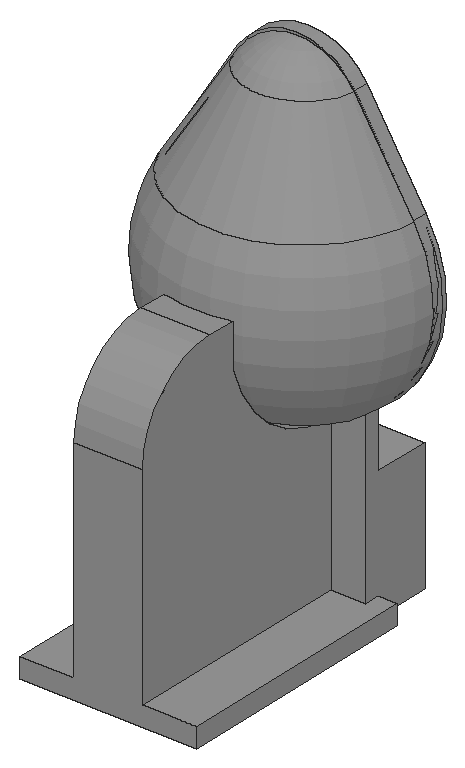
Revit family "Toilet-Willoughby-1490-HET-ETW-OF-BS", category Plumbing Fixtures, host Face, Revit 2014
Parameters (values of type "Standard")
  Waste DIA = 2 1/4"
  Waste Connection = yes
  W-RAD [instance] = Waste DIA / 2  # 0' - 1 1/8"
  Vent Connection = no
  URL = "www.willoughby-ind.com"
  Type Comments = ""
  Revision = "A"
  Model = "ETW-1490-HET-OF-BS"
  Manufacturer = "Willoughby Industries"
  HW Connection = no
  Flush inlet DIA = 1 1/2"
  Flush Inlet Connection = yes
  Fixture Body = Stainless Steel AISI 304-Willoughby
  F-RAD [instance] = Flush inlet DIA / 2  # 0' - 0 3/4"
  Description = "High Efficiency Toilet"
  Default Elevation = 0' - 0"
  Contact Number = "(800) 428-4065"
  CW Connection = no
Reference planes (in)
  plane 1 "Base": y = -16.25
  plane 2: z = 0
  plane 3 "Center": x = 18.31072
  plane 4 "Waste height": y = -4.75
  plane 5 "Seat HGT": y = -1.25
  plane 6: z = -6.75
  plane 7: y = -2.125
  plane 8 "Flush HGT": y = 0.5
  plane 9: x = 16.56072
  plane 10: x = 20.06072
  plane 11 "Unit HGT Off Floor": y = -14
Forms (in)
  Extrusion 1, solid, material "Stainless Steel AISI 304-Willoughby" <- "Fixture Body"
    sketch origin (16.08109, 7.47968, -7.1422) x (-1, 0, 0) y (0, 0, -1)
      loop
        line (1.29775, -16.80087) -> (1.29775, -7.1422) -> (-5.72963, -7.1422) -> (-5.72963, -16.81676)
        arc (-5.72963, -16.81676) -> (-8.98136, -21.11843) -> (-8.21015, -26.45542) r 7
        line (-8.21015, -26.45542) -> (-5.16818, -31.31054)
        arc (-5.16818, -31.31054) -> (-2.20225, -32.95225) -> (0.76368, -31.31054) r 3.5
        line (0.76368, -31.31054) -> (3.80565, -26.45542)
        arc (3.80565, -26.45542) -> (4.5729, -21.10311) -> (1.29775, -16.80087) r 7
      loop
        arc (2.03989, -24.70557) -> (-2.20225, -18.23804) -> (-6.44438, -24.70557) r 4.625
        line (-6.44438, -24.70557) -> (-4.04125, -30.23842)
        arc (-4.04125, -30.23842) -> (-2.20225, -31.45225) -> (-0.36324, -30.23842) r 2
        line (-0.36324, -30.23842) -> (2.03989, -24.70557)
    from 8.72968 to 9.5
  Revolve 2, solid, material "Stainless Steel AISI 304-Willoughby" <- "Fixture Body"
    sketch origin (19.37246, -1.52032, -3.93826) x (-1, 0, 0) y (0, 0, -1)
      loop
        line (1.06174, -12.59906) -> (1.06174, -12.84906)
        arc (1.06174, -12.84906) -> (6.96784, -16.33096) -> (6.78077, -23.18447) r 6.75
        line (6.78077, -23.18447) -> (3.81535, -27.91457)
        arc (3.81535, -27.91457) -> (2.63527, -29.03194) -> (1.06174, -29.43826) r 3.25
        line (1.06174, -29.43826) -> (1.06174, -29.68826)
        arc (1.06174, -29.68826) -> (2.75672, -29.25045) -> (4.02767, -28.04656) r 3.5
        line (4.02767, -28.04656) -> (7.06964, -23.19143)
        arc (7.06964, -23.19143) -> (7.15052, -16.14555) -> (1.06174, -12.59906) r 7
      axis (1.06174, -12.59906) -> (1.06174, -29.68826)
    angle from 0 to -180
  Extrusion 3, solid, material "Stainless Steel AISI 304-Willoughby" <- "Fixture Body"
    sketch origin (19.53334, -3.02032, -4.9508) x (0, 1, 0) y (0, 0, 1)
      loop
        line (-5.27082, 4.9508) -> (1, 4.9508) -> (1, 13.76086)
        arc (1, 13.76086) -> (-2.93256, 15.26109) -> (-5.27082, 18.76086) r 6.92744
        line (-5.27082, 18.76086) -> (-5.27082, 4.9508)
    from 0.52738 to -2.97262
  Extrusion 4, solid, material "Stainless Steel AISI 304-Willoughby" <- "Fixture Body"
    sketch origin (17.03334, 24.08792, -4.30581) x (0, 1, 0) y (0, 0, 1)
      loop
        line (-32.37906, 4.30581) -> (-32.37906, 20.30581) -> (-33.81217, 20.30581)
        arc (-33.81217, 20.30581) -> (-36.83558, 19.05347) -> (-38.08792, 16.03006) r 4.27575
        line (-38.08792, 16.03006) -> (-38.08792, 4.30581) -> (-32.37906, 4.30581)
    from -0.47262 to 3.02738
  Extrusion 5, solid, material "Stainless Steel AISI 304-Willoughby" <- "Fixture Body"
    sketch origin (0, 14.59309, 0) x (1, 0, 0) y (0, 1, 0)
      loop
        circle (18.31072, -19.34309) r 1.125
    from 1 to -3
  Extrusion 6, solid, material "Stainless Steel AISI 304-Willoughby" <- "Fixture Body"
    sketch origin (18.31072, 0, 0) x (0, 1, 0) y (0, 0, 1)
      loop
        line (-1.25, 0) -> (1.75, 0) -> (1.75, 6.6875) -> (-1.25, 6.6875) -> (-1.25, 0)
    from -3.52738 to 3.5
  Extrusion 7, solid, material "Stainless Steel AISI 304-Willoughby" <- "Fixture Body"
    sketch origin (0, 0, 0) x (1, 0, 0) y (0, 1, 0)
      loop
        circle (18.31072, 0.5) r 0.75
    from 2.21942 to 0
  Extrusion 8, solid, material "Stainless Steel AISI 304-Willoughby" <- "Fixture Body"
    sketch origin (0, -16.25, 0) x (1, 0, 0) y (0, 0, 1)
      loop
        line (22.81072, 0) -> (22.81072, 1) -> (13.81072, 1) -> (13.81072, 0) -> (22.81072, 0)
    from -15 to -2.25
Cuts and joins
  joined: Extrusion 1, Extrusion 3, Extrusion 4, Extrusion 5, Extrusion 6, Extrusion 8
Lines and regions (in)
  symbolic lines
    curve 1: line (11.28334, -2.02032, 0) -> (11.28334, -1.25, 0)
    curve 2: line (11.28334, -1.25, 0) -> (25.28334, -1.25, 0)
    curve 3: line (25.28334, -1.25, 0) -> (25.28334, -2.02032, 0)
    curve 4: arc (25.28334, -2.02032, 0) -> (23.07389, -6.64063, 0) -> (18.31072, -8.52239, 0) r 7.00467
    curve 5: arc (18.31072, -8.52239, 0) -> (13.51998, -6.65158, 0) -> (11.28334, -2.02032, 0) r 7.03342
    curve 6: line (22.81072, -6.87397, 0) -> (22.81072, -14, 0)
    curve 7: line (22.81072, -14, 0) -> (13.81072, -14, 0)
    curve 8: line (13.81072, -14, 0) -> (13.81072, -6.90612, 0)
    curve 9: line (16.56072, -8.30481, 0) -> (16.56072, -14, 0)
    curve 10: line (20.06072, -8.29665, 0) -> (20.06072, -14, 0)
    curve 11: line (14.78334, -1.25, 0) -> (14.78334, 1.75, 0)
    curve 12: line (14.78334, 1.75, 0) -> (21.81072, 1.75, 0)
    curve 13: line (21.81072, 1.75, 0) -> (21.81072, -1.25, 0)
    curve 14: line (14.78334, -16.25, 9.65867) -> (14.78334, -16.25, 1)
    curve 15: line (14.78334, -16.25, 1) -> (13.81072, -16.25, 1)
    curve 16: line (13.81072, -16.25, 1) -> (13.81072, -16.25, 0)
    curve 17: line (13.81072, -16.25, 0) -> (22.81072, -16.25, 0)
    curve 18: line (22.81072, -16.25, 0) -> (22.81072, -16.25, 1)
    curve 19: line (22.81072, -16.25, 1) -> (21.81072, -16.25, 1)
    curve 20: line (21.81072, -16.25, 1) -> (21.81072, -16.25, 9.67456)
    curve 22: arc (21.81072, -16.25, 9.67456) -> (25.08128, -16.25, 13.93587) -> (24.31862, -16.25, 19.25317) r 6.92112
    curve 23: line (24.31862, -16.25, 19.25317) -> (21.27665, -16.25, 24.1083)
    curve 24: arc (21.27665, -16.25, 24.1083) -> (19.9946, -16.25, 25.33666) -> (18.28334, -16.25, 25.81005) r 3.63004
    curve 25: arc (18.28334, -16.25, 25.81005) -> (16.57833, -16.25, 25.39034) -> (15.31741, -16.25, 24.16835) r 3.36229
    curve 26: line (15.31741, -16.25, 24.16835) -> (12.35249, -16.25, 19.43905)
    curve 27: arc (12.35249, -16.25, 19.43905) -> (11.49002, -16.25, 14.03241) -> (14.78334, -16.25, 9.65867) r 7
    curve 33: line (18.31072, -14, 11.72425) -> (18.31072, -14, 0)
    curve 34: line (18.31072, -14, 0) -> (18.31072, 1.75, 0)
    curve 35: line (18.31072, 1.75, 0) -> (18.31072, 1.75, 6.6875)
    curve 36: line (18.31072, 1.75, 6.6875) -> (18.31072, -1.25, 6.6875)
    curve 37: line (18.31072, -1.25, 6.6875) -> (18.31072, -1.25, 25.81005)
    curve 38: line (18.31072, -1.25, 25.81005) -> (18.31072, -2.02032, 25.81005)
    curve 39: arc (18.31072, -2.02032, 25.81005) -> (18.31072, -3.20925, 25.32947) -> (18.31072, -4.19175, 24.50533) r 4.1029
    curve 40: line (18.31072, -4.19175, 24.50533) -> (18.31072, -7.52822, 19.25317)
    curve 41: arc (18.31072, -7.52822, 19.25317) -> (18.31072, -8.24582, 17.69394) -> (18.31072, -8.52281, 16) r 6.39451
    curve 42: line (18.31072, -8.29114, 16) -> (18.31072, -9.72425, 16)
    curve 43: arc (18.31072, -9.72425, 16) -> (18.31072, -12.74766, 14.74766) -> (18.31072, -14, 11.72425) r 4.27575
    curve 44: line (18.31072, -8.29114, 16) -> (18.31072, -8.29114, 13.81005)
    curve 45: arc (18.31072, -8.29114, 13.81005) -> (18.31072, -5.95289, 10.31029) -> (18.31072, -2.02032, 8.81005) r 6.92744
    curve 46: line (18.31072, -2.02032, 8.81005) -> (18.31072, -2.02032, 9.65867)
    curve 47: line (18.31072, -2.02032, 9.65867) -> (18.31072, -1.25, 9.65867)
    curve 48: line (18.31072, -2.02032, 8.81005) -> (18.31072, -2.02032, 1)
    curve 49: line (18.31072, -2.02032, 1) -> (18.31072, -14, 1)
    curve 50: line (18.31072, -1.25, 1) -> (18.31072, -1.25, 0)
    curve 51: line (18.31072, -2.02032, 1) -> (18.31072, -1.25, 1)
  symbolic lines, detail levels medium+fine
    curve 21: line (21.81072, -16.25, 6.6875) -> (14.78334, -16.25, 6.6875)
  symbolic lines, detail levels fine
    curve 28: arc (14.0412, -16.25, 17.56337) -> (18.28334, -16.25, 11.09585) -> (22.52547, -16.25, 17.56337) r 4.625
    curve 29: line (22.52547, -16.25, 17.56337) -> (20.12234, -16.25, 23.09622)
    curve 30: arc (20.12234, -16.25, 23.09622) -> (19.38317, -16.25, 23.97635) -> (18.28334, -16.25, 24.31005) r 2.01767
    curve 31: arc (18.28334, -16.25, 24.31005) -> (17.17969, -16.25, 23.98213) -> (16.44433, -16.25, 23.09622) r 1.9827
    curve 32: line (16.44433, -16.25, 23.09622) -> (14.0412, -16.25, 17.56337)
Dimensions and locks (in)
  plane 1 "Base" to plane 4 "Waste height" = 0' - 11 1/2"
  plane 1 "Base" to plane 5 "Seat HGT" = 1' - 3"
  plane 8 "Flush HGT" to plane 1 "Base" = 1' - 4 3/4"
  plane 4 "Waste height" to plane 8 "Flush HGT" = 0' - 5 1/4"
  cut or joined group of Extrusion 1, Extrusion 3, Extrusion 4, Extrusion 5, Extrusion 6, Extrusion 8 to plane 3 "Center" = 0' - 4 1/2"
  cut or joined group of Extrusion 1, Extrusion 3, Extrusion 4, Extrusion 5, Extrusion 6, Extrusion 8 to cut or joined group of Extrusion 1, Extrusion 3, Extrusion 4, Extrusion 5, Extrusion 6, Extrusion 8 = 0' - 9"
  "W-RAD": radius of Extrusion 5 sketch curve
  "F-RAD": radius of Extrusion 7 sketch curve
  aligned and locked: plane 2 to host face
  aligned and locked: level to host face
  aligned and locked: plane 3 "Center" to Extrusion 5 sketch curve
  aligned and locked: plane 4 "Waste height" to Extrusion 5 sketch curve
  aligned and locked: plane 8 "Flush HGT" to Extrusion 7 sketch curve
  aligned and locked: plane 3 "Center" to Extrusion 7 sketch curve
  aligned and locked: cut or joined group of Extrusion 1, Extrusion 3, Extrusion 4, Extrusion 5, Extrusion 6, Extrusion 8 to cut or joined group of Extrusion 1, Extrusion 3, Extrusion 4, Extrusion 5, Extrusion 6, Extrusion 8  (x5)
Automatic sketch dimensions
  host sketch curve to host sketch curve = 2' - 6.05225"
  host sketch curve to host sketch curve = 2' - 4.65882"
  Extrusion 1 sketch curve to Extrusion 1 sketch curve = 0' - 0"  (x8)
  Extrusion 1 sketch curve to level = 0' - 0"
  plane 3 "Center" to Extrusion 1 sketch curve = 0' - 5.98052"
  Extrusion 1 sketch curve to Extrusion 1 sketch curve = 0' - 1.76576"  (x2)
  plane 3 "Center" to Extrusion 1 sketch curve = 0' - 3 1/2"
  plane 3 "Center" to Extrusion 1 sketch curve = 0' - 2.93855"
  Extrusion 1 sketch curve to Extrusion 1 sketch curve = 0' - 1.12693"  (x2)
  Extrusion 1 sketch curve to plane 3 "Center" = 0' - 0.02738"  (x2)
  Extrusion 1 sketch curve to plane 3 "Center" = 0' - 1.86639"
  Extrusion 1 sketch curve to plane 3 "Center" = 0' - 3.52738"
  Extrusion 1 sketch curve to plane 3 "Center" = 0' - 4 69/256"
  Extrusion 1 sketch curve to Extrusion 1 sketch curve = 0' - 9.65867"
  Extrusion 1 sketch curve to Extrusion 1 sketch curve = 0' - 0.01589"
  Extrusion 1 sketch curve to Extrusion 1 sketch curve = 0' - 6.06218"
  Extrusion 1 sketch curve to Extrusion 1 sketch curve = 0' - 1.74985"
  Extrusion 1 sketch curve to Extrusion 1 sketch curve = 0' - 4.74668"
  Extrusion 1 sketch curve to Extrusion 1 sketch curve = 0' - 0.78617"
  Extrusion 1 sketch curve to Extrusion 1 sketch curve = 0' - 1.07212"
  Revolve 2 sketch curve to Revolve 2 sketch curve = 0' - 0"  (x2)
  Revolve 2 sketch curve to plane 3 "Center" = 0' - 0"  (x3)
  plane 3 "Center" to Revolve 2 sketch curve = 0' - 0"
  Revolve 2 sketch curve to plane 3 "Center" = 0' - 2.75361"
  Revolve 2 sketch curve to Revolve 2 sketch curve = 0' - 0.21232"
  Revolve 2 sketch curve to Revolve 2 sketch curve = 0' - 2.96542"
  Revolve 2 sketch curve to Revolve 2 sketch curve = 0' - 0.28887"
  level to Revolve 2 sketch curve = 2' - 1 3/4"
  Revolve 2 sketch curve to Revolve 2 sketch curve = 0' - 0 1/4"
  Revolve 2 sketch curve to Revolve 2 sketch curve = 0' - 1.3917"
  Revolve 2 sketch curve to Revolve 2 sketch curve = 0' - 0.13199"
  Revolve 2 sketch curve to Revolve 2 sketch curve = 0' - 4.85513"
  Revolve 2 sketch curve to Revolve 2 sketch curve = 0' - 0.00696"
  Revolve 2 sketch curve to Revolve 2 sketch curve = 0' - 3 1/4"
  Revolve 2 sketch curve to Revolve 2 sketch curve = 0' - 3.3392"
  Revolve 2 sketch curve to Revolve 2 sketch curve = 0' - 2.4108"
  Extrusion 3 sketch curve to level = 0' - 0"
  plane 4 "Waste height" to Extrusion 3 sketch curve = 0' - 3.54114"
  plane 7 to Extrusion 3 sketch curve = 0' - 0.10468"
  plane 5 "Seat HGT" to Extrusion 3 sketch curve = 0' - 0.38413"
  Extrusion 3 sketch curve to Extrusion 3 sketch curve = 0' - 8.81005"
  Extrusion 3 sketch curve to Extrusion 3 sketch curve = 0' - 5"
  Extrusion 4 sketch curve to level = 0' - 0"
  Extrusion 4 sketch curve to Extrusion 4 sketch curve = 0' - 1.43311"
  Extrusion 4 sketch curve to Extrusion 4 sketch curve = 0' - 11.72425"
  Extrusion 6 sketch curve to level = 0' - 0"
  Extrusion 6 sketch curve to plane 5 "Seat HGT" = 0' - 0"
  Extrusion 6 sketch curve to plane 8 "Flush HGT" = 0' - 1 1/4"
  level to Extrusion 6 sketch curve = 0' - 6 11/16"
  Extrusion 8 sketch curve to level = 0' - 0"
  level to Extrusion 8 sketch curve = 0' - 1"
  Extrusion 4 sketch curve to plane 1 "Base" = 0' - 2 1/4"
  Extrusion 4 sketch curve to plane 1 "Base" = 0' - 6.52575"
  Extrusion 8 sketch curve to plane 9 = 0' - 2 3/4"
  plane 10 to Extrusion 8 sketch curve = 0' - 2 3/4"
  plane 5 "Seat HGT" to curve 1 = 0' - 0"
  curve 8 to plane 11 "Unit HGT Off Floor" = 0' - 0"
  curve 9 to plane 9 = 0' - 0"
  curve 4 to plane 3 "Center" = 0' - 0"
  curve 5 to plane 3 "Center" = 0' - 0"
  curve 10 to plane 10 = 0' - 0"
  curve 12 to plane 9 = 0' - 1.77738"
  curve 7 to plane 9 = 0' - 2 3/4"
  plane 7 to curve 1 = 0' - 0.10468"
  curve 1 to curve 11 = 0' - 3 1/2"
  curve 5 to plane 3 "Center" = 0' - 0.01406"
  curve 4 to plane 3 "Center" = 0' - 0.014"
  plane 10 to curve 7 = 0' - 2 3/4"
  curve 6 to curve 3 = 0' - 2.47262"
  curve 3 to curve 2 = 0' - 0.77032"
  curve 12 to plane 8 "Flush HGT" = 0' - 1 1/4"
  plane 10 to curve 13 = 0' - 1 3/4"
  curve 27 to curve 28 = 0' - 0"  (x2)
  curve 17 to level = 0' - 0"
  curve 26 to plane 9 = 0' - 4.20823"
  curve 17 to plane 9 = 0' - 2 3/4"
  curve 15 to curve 14 = 0' - 0.97262"
  curve 26 to plane 9 = 0' - 1.24331"
  curve 24 to plane 3 "Center" = 0' - 0.1102"
  curve 25 to plane 3 "Center" = 0' - 0.10409"
  curve 30 to plane 3 "Center" = 0' - 0.03902"
  curve 30 to curve 31 = 0' - 0.0002"
  curve 28 to plane 3 "Center" = 0' - 0.02738"
  plane 3 "Center" to curve 22 = 0' - 0.07513"
  plane 10 to curve 29 = 0' - 0.06162"
  plane 10 to curve 23 = 0' - 1.21593"
  plane 10 to curve 19 = 0' - 1 3/4"
  plane 10 to curve 29 = 0' - 2.46475"
  curve 19 to curve 17 = 0' - 1"
  curve 28 to curve 23 = 0' - 1.79315"
  level to curve 16 = 0' - 1"
  level to curve 20 = 0' - 1"
  curve 14 to curve 14 = 0' - 8.65867"
  curve 14 to curve 20 = 0' - 0.01589"
  curve 20 to curve 22 = 0' - 6.01433"
  curve 22 to curve 28 = 0' - 0.03196"
  curve 29 to curve 22 = 0' - 1.6898"
  curve 29 to curve 24 = 0' - 4.61758"
  curve 24 to curve 30 = 0' - 0.11146"
  curve 30 to curve 31 = 0' - 0.03496"
  curve 31 to curve 25 = 0' - 0.12125"
  curve 31 to curve 29 = 0' - 0.76884"
  curve 29 to curve 23 = 0' - 1.01207"
  curve 26 to curve 30 = 0' - 0.1417"
  curve 28 to plane 9 = 0' - 2 133/256"
  curve 32 to plane 9 = 0' - 0.11639"
  curve 31 to curve 30 = 0' - 0"
  curve 21 to curve 20 = 0' - 2.98706"
  curve 33 to level = 0' - 0"
  curve 33 to plane 11 "Unit HGT Off Floor" = 0' - 0"
  curve 50 to plane 5 "Seat HGT" = 0' - 0"
  curve 36 to plane 5 "Seat HGT" = 0' - 0"
  curve 43 to curve 43 = 0' - 4.27575"
  curve 43 to curve 42 = 0' - 1.43311"
  plane 4 "Waste height" to curve 40 = 0' - 2.77822"
  curve 40 to plane 4 "Waste height" = 0' - 0.55825"
  curve 41 to plane 7 = 0' - 0.00572"
  plane 7 to curve 38 = 0' - 0.10468"
  plane 7 to curve 47 = 0' - 0.10468"
  plane 5 "Seat HGT" to curve 45 = 0' - 0.38413"
  curve 39 to plane 5 "Seat HGT" = 0' - 0.1539"
  curve 36 to plane 8 "Flush HGT" = 0' - 1 1/4"
  level to curve 48 = 0' - 1"
  curve 48 to curve 36 = 0' - 5 11/16"
  curve 36 to curve 48 = 0' - 2.12255"
  curve 46 to curve 47 = 0' - 0.84862"
  curve 49 to curve 33 = 0' - 10.72425"
  curve 44 to curve 42 = 0' - 2.18995"
  curve 45 to curve 41 = 0' - 0 25/256"
  curve 42 to curve 40 = 0' - 3.25317"
  curve 41 to curve 39 = 0' - 5.98824"
  curve 39 to curve 40 = 0' - 2.69273"
Connectors (in)
  piping at (18.31072, -4.75, -3), diameter 2.25, driven by "W-RAD", driven by "Waste Connection"
    settings: on Extrusion 5, index 1, connector inside diameter 2 1/4", connector length 0' - 0", flow factor 0, pipe flow 0 GPM, pressure drop 0.00 psi, fitting loss kfactor 0, connector angle 0.00°, fixture units 0, engagement length 0' - 0", angle of deflection 0.00°, flow configuration 0, flow direction 2, fitting loss method 0, system type 16, joint type 0, gender type 0, connector reference index -1, connector utility 1, adjustable connector yes, is connector primary yes, connector description "Toilet Waste"
  piping at (18.31072, 0.5, 0), diameter 1.5, driven by "F-RAD", driven by "Flush Inlet Connection"
    settings: on Extrusion 7, index 2, connector inside diameter 1 1/2", connector length 0' - 0", flow factor 0, pipe flow 0 GPM, pressure drop 0.00 psi, fitting loss kfactor 0, connector angle 0.00°, fixture units 0, engagement length 0' - 0", angle of deflection 0.00°, flow configuration 0, flow direction 1, fitting loss method 0, system type 20, joint type 0, gender type 0, connector reference index -1, connector utility 1, adjustable connector no, is connector primary no, connector description "Flush Inlet"
